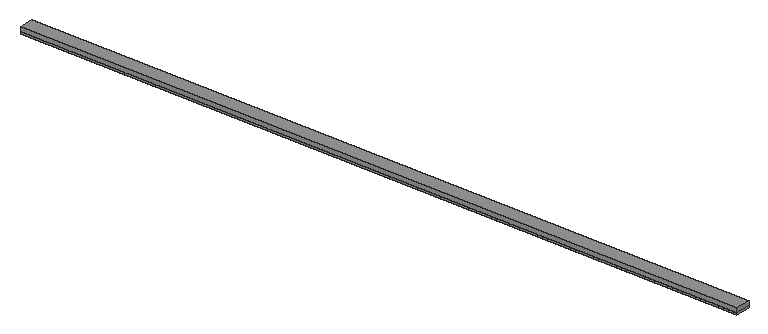
Revit family "0068132", category Lighting Fixtures, host Face, Revit 2017
Family settings
  Host = Face
  Round Connector Dimension = Use Diameter
  Part Type = Normal
  OmniClass Number = 23.80.70.00
  OmniClass Title = Lighting
  Cut with Voids When Loaded = No
  Light Source = Yes
  Shared = No
  Room Calculation Point = No
Parameters (values of type "0068132 START FLEX IP65 827 10250LM - 500 mm")
  Width_SYL = if(IP20HO_SYL, 10 mm, if(IP65_SYL, 12 mm, if(IP65HO_SYL, 10 mm, if(IP67_SYL, 10 mm, if(IP20RGB_SYL, 8 mm, if(IP20RGBW_SYL, 12 mm, if(IP67RGB_SYL, 12 mm, if(IP67RGBW_SYL, 14 mm, 8 mm))))))))  # 10 mm
  Weight = "2.0 kg"
  Wattage Comments = ""
  Wattage = 82.5 W
  WarrantyStartDate [instance] = "n/a"
  WarrantyGuarantorParts = "n/a"
  WarrantyDurationUnit = "n/a"
  WarrantyDurationParts = "n/a"
  WarrantyDescription = "n/a"
  built-in parameter 1150110 = 1 (stored number, unit not read)
  Voltage = 24 V
  URL = "http://www.sylvania-lighting.com"
  TypeName = "START Flex IP65 827 10250lm - 500 mm"
  Type Image = <None>
  Type Comments = "n/a"
  built-in parameter 1114217 = 1 (stored number, unit not read)
  Tilt Angle = -90.00°
  built-in parameter 1150109 = 1 (stored number, unit not read)
  built-in parameter 1150134 = (empty or 0)
  built-in parameter 1150113 = 1 (stored number, unit not read)
  StartCapWidth_SYL = if(IP20HO_SYL, 2 mm, if(IP65_SYL, 14 mm, if(IP65HO_SYL, 12 mm, if(IP67_SYL, 17.5 mm, if(IP20RGB_SYL, 2 mm, if(IP20RGBW_SYL, 2 mm, if(IP67RGB_SYL, 14 mm, if(IP67RGBW_SYL, 16 mm, 2 mm))))))))  # 12 mm
  StartCapVisible_SYL [instance] = no
  StartCapLength_SYL = if(IP20HO_SYL, 2 mm, if(IP65_SYL, 10 mm, if(IP65HO_SYL, 15 mm, if(IP67_SYL, 35 mm, if(IP20RGB_SYL, 2 mm, if(IP20RGBW_SYL, 2 mm, if(IP67RGB_SYL, 12 mm, if(IP67RGBW_SYL, 12 mm, 2 mm))))))))  # 15 mm
  StartCapHeight_SYL = if(IP20HO_SYL, 2 mm, if(IP65_SYL, 6 mm, if(IP65HO_SYL, 6 mm, if(IP67_SYL, 9.5 mm, if(IP20RGB_SYL, 2 mm, if(IP20RGBW_SYL, 2 mm, if(IP67RGB_SYL, 7 mm, if(IP67RGBW_SYL, 7 mm, 2 mm))))))))  # 6 mm
  SerialNumber [instance] = "n/a"
  SealingVisibility_SYL = yes
  IP67_SYL = no
  IP67RGB_SYL = no
  IP67RGBW_SYL = no
  IP65_SYL = no
  IP65HO_SYL = yes
  IP20RGB_SYL = no
  IP20RGBW_SYL = no
  IP20HO_SYL = no
  HeightWithSealing_SYL = if(IP20HO_SYL, 2 mm, if(IP65_SYL, 4 mm, if(IP65HO_SYL, 4 mm, if(IP67_SYL, 6 mm, if(IP20RGB_SYL, 2 mm, if(IP20RGBW_SYL, 2 mm, if(IP67RGB_SYL, 5 mm, if(IP67RGBW_SYL, 5 mm, 2 mm))))))))  # 4 mm
  Photometric Web File = "0068132.ies"
  Material_3_SYL = ABS Plastic
  PowerFactor = 0
  PowerConsumption = "82.5 W"
  NominalLength = 5000 mm
  NominalHeight = 4 mm
  NominalDepth = 12.5 mm
  Name = "START Flex IP65 827 10250lm - 500 mm"
  ModelReference = Name  # "START Flex IP65 827 10250lm - 500 mm"
  ModelNumber = "0068132"
  Model = Name  # "START Flex IP65 827 10250lm - 500 mm"
  Material = "other housing, silicone diffuser"
  ManufacturerName = "Feilo Sylvania"
  Manufacturer = "Feilo Sylvania"
  LuminousEfficacy = "124 lm/W"
  built-in parameter 1150105 = 3577.1 (stored number, unit not read)
  Lumens = 10230 lm
  LuminaireType = ""
  built-in parameter 1150115 = 1 (stored number, unit not read)
  LightOutputRatio = "n/a"
  built-in parameter 1150137 = (empty or 0)
  built-in parameter 1150139 = (empty or 0)
  Length_SYL = 500 mm
  LampsType = Lamp  # "LED"
  LampNominalLuminous = "10250 lm"
  LampMacAdamStep = "3"
  LampColourTemperature = "2700 K"
  LampColourRenderingIndex = "80"
  built-in parameter 1150112 = 1 (stored number, unit not read)
  built-in parameter 1150114 = 1 (stored number, unit not read)
  Lamp = "LED"
  Keynote = "16500"
  InstallationDate [instance] = "n/a"
  InputVoltage = "24V DC"
  InputNominalFrequency = "n/a"
  built-in parameter 1150132 = (empty or 0)
  built-in parameter 1150102 = (empty or 0)
  built-in parameter 1150107 = 2700 (stored number, unit not read)
  built-in parameter 1150138 = (empty or 0)
  IngressProtection = "IP65"
  ImpactProtectionIndex = "IK00"
  built-in parameter 1150106 = 35.771 (stored number, unit not read)
  IfcExportType = "IfcLightFixtureType"
  IfcExportAs = "IfcLightFixtureType"
  EndCapWidth_SYL = if(IP20HO_SYL, 2 mm, if(IP65_SYL, 14 mm, if(IP65HO_SYL, 12 mm, if(IP67_SYL, 17.5 mm, if(IP20RGB_SYL, 2 mm, if(IP20RGBW_SYL, 2 mm, if(IP67RGB_SYL, 14 mm, if(IP67RGBW_SYL, 16 mm, 2 mm))))))))  # 12 mm
  EndCapVisible_SYL [instance] = no
  EndCapLength_SYL = if(IP20HO_SYL, 2 mm, if(IP65_SYL, 10 mm, if(IP65HO_SYL, 10 mm, if(IP67_SYL, 15 mm, if(IP20RGB_SYL, 2 mm, if(IP20RGBW_SYL, 2 mm, if(IP67RGB_SYL, 10 mm, if(IP67RGBW_SYL, 10 mm, 2 mm))))))))  # 10 mm
  EndCapHeight_SYL = if(IP20HO_SYL, 2 mm, if(IP65_SYL, 6 mm, if(IP65HO_SYL, 6 mm, if(IP67_SYL, 9.5 mm, if(IP20RGB_SYL, 2 mm, if(IP20RGBW_SYL, 2 mm, if(IP67RGB_SYL, 7 mm, if(IP67RGBW_SYL, 7 mm, 2 mm))))))))  # 6 mm
  EmitSurfaceOffset_SYL = 1 mm  # constant formula
  EmitSurfaceHeight_SYL = if(IP20HO_SYL, 1.2 mm, if(IP65_SYL, 4 mm, if(IP65HO_SYL, 4 mm, if(IP67_SYL, 6 mm, if(IP20RGB_SYL, 1.2 mm, if(IP20RGBW_SYL, 1.2 mm, if(IP67RGB_SYL, 5 mm, if(IP67RGBW_SYL, 5 mm, 1.2 mm))))))))  # 4 mm
  built-in parameter 1150127 = if(IP20HO_SYL, 3.5 mm, if(IP65_SYL, 12 mm, if(IP65HO_SYL, 10 mm, if(IP67_SYL, 10 mm, if(IP20RGB_SYL, 5 mm, if(IP20RGBW_SYL, 5 mm, if(IP67RGB_SYL, 12 mm, if(IP67RGBW_SYL, 14 mm, 3.5 mm))))))))  # 10 mm
  Emit from Rectangle Length = Length_SYL - 2 * EmitSurfaceOffset_SYL  # 498 mm
  Emit Shape Visible in Rendering = no
  ElectricShockClassification = "Class III"
  built-in parameter 1150104 = 11.52 (stored number, unit not read)
  DocumentationLiterature = "http://www.sylvania-lighting.com/product/en-int/products/0068132"
  DimmingControlOptions = "n/a"
  Material_2_SYL = LED
  Dimming Lamp Color Temperature Shift = <None>
  Description = "5 metre IP65 LED reel with pre-attached 3M adhesive type;  equipped with 420 LEDs, 24V; 2700K; CRI80; SDCM <3; 50000 hrs (L70)"
  Default Elevation = 1219.2 mm
  CreatedOn = "9/11/2019"
  CreatedBy = "@sylvania-lighting.com"
  Cost = 0
  Color Filter = 16777215
  built-in parameter 1114216 [instance] = (empty or 0)
  ClassificationValue = "EF_70_80"
  ClassificationName = "Uniclass2015"
  Material_1_SYL = Aluminum
  BarCode [instance] = "n/a"
  built-in parameter 1114218 = 1 (stored number, unit not read)
  Emit from Rectangle Width = 3048 mm
  AssetType = "Fixed"
  AssetIdentifier [instance] = "n/a"
  Assembly Code = "D5020200"
  Apparent Load = 82.5 VA
  Material_4_SYL = Polycarbonate, Clear
Types (4, lengths in mm): name | TypeName | StartCapVisible_SYL | Name | ModelReference | Model | Length_SYL | EndCapVisible_SYL | Emit from Rectangle Length
  0068132 START FLEX IP65 827 10250LM - 500 mm | "START Flex IP65 827 10250lm - 500 mm" | no | "START Flex IP65 827 10250lm - 500 mm" | "START Flex IP65 827 10250lm - 500 mm" | "START Flex IP65 827 10250lm - 500 mm" | 500 | no | 498
  0068132 START FLEX IP65 827 10250LM - 100 mm | "START Flex IP65 827 10250lm - 100 mm" | no | "START Flex IP65 827 10250lm - 100 mm" | "START Flex IP65 827 10250lm - 100 mm" | "START Flex IP65 827 10250lm - 100 mm" | 100 | no | 98
  0068132 START FLEX IP65 827 10250LM - 50 mm | "START Flex IP65 827 10250lm - 50 mm" | yes | "START Flex IP65 827 10250lm - 50 mm" | "START Flex IP65 827 10250lm - 50 mm" | "START Flex IP65 827 10250lm - 50 mm" | 50 | yes | 48
  0068132 START FLEX IP65 827 10250LM - 10 mm | "START Flex IP65 827 10250lm - 10 mm" | yes | "START Flex IP65 827 10250lm - 10 mm" | "START Flex IP65 827 10250lm - 10 mm" | "START Flex IP65 827 10250lm - 10 mm" | 10 | yes | 8
Reference planes
  plane 1 "Center (Front/Back)": y = 0
  plane 2: z = 0
  plane 3 "Center (Left/Right)": x = 0
  plane 4: y = 5
  plane 5: y = -5
  plane 6: z = 1.2
  plane 7: x = 500
  plane 8: x = 250
  plane 9: x = 1
  plane 10: x = 499
  plane 11: y = 1.8
  plane 12: y = -1.8
  plane 13: y = 6
  plane 14: y = -6
  plane 15: x = -15
  plane 16: x = 510
  plane 17: y = 6
  plane 18: y = -6
  plane 19: z = 4
  plane 20: z = 4
  plane 21: z = 2
  plane 22: z = -1
  plane 23: z = 5
  plane 24: z = 5
  plane 25: z = -1
Forms (mm)
  Extrusion 1, solid, material "Aluminum" <- "Material_1_SYL"
    sketch origin (0, 0, 0) x (0, 1, 0) y (0, 0, 1)
      loop
        line (-5, 1.2) -> (-5, 0) -> (5, 0) -> (5, 1.2) -> (-5, 1.2)
    from 0 to 500
  Extrusion 2, solid, material "Polycarbonate, Clear" <- "Material_4_SYL", visible <- "SealingVisibility_SYL"
    sketch origin (0, 0, 0) x (0, 1, 0) y (0, 0, 1)
      loop
        line (-5, 1.2) -> (5, 1.2) -> (5, 4) -> (-5, 4) -> (-5, 1.2)
    from 0 to 500
  Extrusion 3, solid, visible <- "StartCapVisible_SYL"
    sketch origin (0, 0, 0) x (0, 1, 0) y (0, 0, 1)
      loop
        line (-6, -1) -> (6, -1) -> (6, 5) -> (-6, 5) -> (-6, -1)
    from 0 to -15
  Extrusion 4, solid, visible <- "EndCapVisible_SYL"
    sketch origin (500, 1524, 1219.2) x (0, 1, 0) y (0, 0, 1)
      loop
        line (-1518, -1220.2) -> (-1518, -1214.2) -> (-1530, -1214.2) -> (-1530, -1220.2) -> (-1518, -1220.2)
    from 0 to 10
Lines and regions (mm)
  Split face 1
    outline origin (0, -5, 1.2) x (0, 1, 0) y (-1, 0, 0)
      loop
        line (6.8, -1) -> (3.2, -1) -> (3.2, -499) -> (6.8, -499) -> (6.8, -1)
  reference lines
    curve 1: line (1, 1.8, 0) -> (499, 1.8, 0)
    curve 2: line (1, -1.8, 0) -> (1, 1.8, 0)
    curve 3: line (499, -1.8, 0) -> (1, -1.8, 0)
    curve 4: line (499, 1.8, 0) -> (499, -1.8, 0)
Dimensions and locks
  equal spacing: plane 5, plane 1 "Center (Front/Back)", plane 4
  "Width_SYL": plane 5 to plane 4
  "Length_SYL": plane 3 "Center (Left/Right)" to plane 7
  "EmitSurfaceOffset_SYL": plane 3 "Center (Left/Right)" to plane 9
  equal spacing: plane 9, plane 8, plane 10
  "EmitSurfaceOffset_SYL": plane 10 to plane 7
  equal spacing: plane 12, plane 1 "Center (Front/Back)", plane 11
  locked: plane 12 to plane 11 at 3.6
  equal spacing: plane 14, plane 1 "Center (Front/Back)", plane 13
  "StartCapWidth_SYL": plane 14 to plane 13
  "StartCapLength_SYL": plane 15 to plane 3 "Center (Left/Right)"
  equal spacing: plane 18, plane 1 "Center (Front/Back)", plane 17
  "EndCapWidth_SYL": plane 18 to plane 17
  "EndCapLength_SYL": plane 7 to plane 16
  "EmitSurfaceHeight_SYL": plane 19 to plane 2
  "HeightWithSealing_SYL": host face to plane 20
  equal spacing: plane 2, plane 21, plane 19
  equal spacing: plane 22, plane 21, plane 23
  "EndCapHeight_SYL": plane 22 to plane 23
  equal spacing: plane 25, plane 21, plane 24
  "StartCapHeight_SYL": plane 25 to plane 24
  aligned and locked: plane 2 to host face
  aligned and locked: level to host face
  aligned and locked: plane 6 to Extrusion 1 sketch curve
  aligned and locked: Extrusion 1 sketch curve to plane 5
  aligned and locked: level to Extrusion 1 sketch curve
  aligned and locked: plane 4 to Extrusion 1 sketch curve
  aligned and locked: plane 7 to Extrusion 1
  aligned and locked: imposter light to plane 1 "Center (Front/Back)"
  aligned and locked: plane 8 to imposter light
  aligned and locked: plane 11 to curve 1
  aligned and locked: plane 9 to curve 2
  aligned and locked: curve 3 to plane 12
  aligned and locked: curve 4 to plane 10
  aligned and locked: Split face 1 sketch curve to curve 1
  aligned and locked: Split face 1 sketch curve to curve 4
  aligned and locked: Split face 1 sketch curve to curve 3
  aligned and locked: Split face 1 sketch curve to curve 2
  aligned and locked: imposter light to plane 19
  aligned and locked: Extrusion 2 sketch curve to Extrusion 1  (x2)
  aligned and locked: Extrusion 2 sketch curve to plane 20
  aligned and locked: Extrusion 2 sketch curve to plane 4
  aligned and locked: Extrusion 2 to plane 3 "Center (Left/Right)"
  aligned and locked: plane 7 to Extrusion 2
  aligned and locked: plane 22 to Extrusion 3 sketch curve
  aligned and locked: plane 14 to Extrusion 3 sketch curve
  aligned and locked: Extrusion 3 sketch curve to plane 23
  aligned and locked: Extrusion 3 sketch curve to plane 13
  aligned and locked: Extrusion 3 to plane 15
  aligned and locked: plane 3 "Center (Left/Right)" to Extrusion 3
  aligned and locked: plane 13 to Extrusion 4 sketch curve
  aligned and locked: plane 23 to Extrusion 4 sketch curve
  aligned and locked: Extrusion 4 sketch curve to plane 18
  aligned and locked: Extrusion 4 sketch curve to plane 25
  aligned and locked: plane 16 to Extrusion 4
  aligned and locked: Extrusion 4 to plane 7
Automatic sketch dimensions
  host sketch curve to host sketch curve = 600 mm
  host sketch curve to host sketch curve = 100 mm
Connectors
  electrical at (0, 0, 0.6), driven by "Voltage", driven by "Apparent Load", driven by "PowerFactor"
    settings: on Extrusion 1, index 1, voltage 24 V, apparent load 82.5 VA, apparent load phase1 0 VA, apparent load phase2 0 VA, apparent load phase3 0 VA, power factor 0, load classification "Other", number of poles 1, system type 30, power factor state 1, is connector primary yes, connector utility no, sub classification motor no, connector description ""
